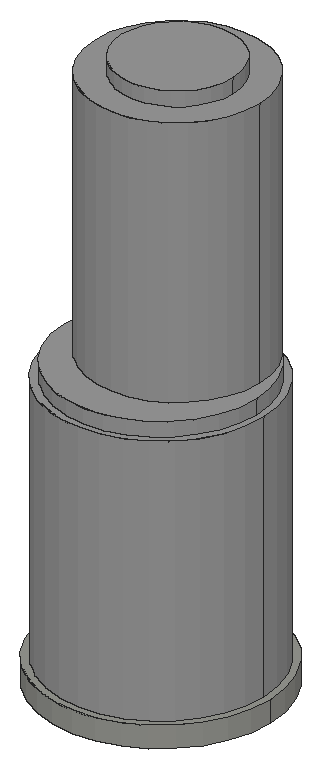
Revit family "雨、污水检查井 - 土建2016", category 管道附件, Revit 2016
Family settings
  零件类型 = 标准
  圆形连接件大小 = 使用直径
  基于工作平面 = 否
  总是垂直 = 是
  加载时剪切的空心 = 否
  共享 = 否
Parameters (values of type "污水井")
  Assembly Code = ""
  说明 = "永久免费族库下载，找构件就上构件坞"
  Type Comments = ""
  砼强度等级 = ""
  直径 = 1000 mm
  Keynote = ""
  检查井深度 [instance] = 3800 mm
  构件分类编码 = ""
  座浆外半径 = 井筒外半径 + 100 mm  # 690 mm
  检查井半径 = 直径 / 2  # 500 mm
  座浆 = 水泥砂浆
  Model = ""
  Manufacturer = ""
  井身高度 = 1800 mm
  井身外半径 = 检查井半径 + 井壁厚  # 740 mm
  井筒外半径 = 井筒内半径 + 井壁厚  # 590 mm
  井筒内径 = 700 mm
  井筒内半径 = 井筒内径 / 2  # 350 mm
  井盖直径 = 800 mm
  井盖厚度 = 100 mm
  井盖半径 = 井盖直径 / 2  # 400 mm
  井盖 = 水泥砂浆
  井壁厚 = 240 mm
  井墙 = 水泥砂浆砌砖
  井基直径 = 井身外半径 * 2 + 100 mm  # 1580 mm
  井基厚度 = 150 mm
  井基半径 = 井基直径 / 2  # 790 mm
  井基 = 混凝土
  座浆厚度 = 100 mm
  URL = "www.goujianwu.com"
  K Coefficient Table = (empty or 0)
Types (2): name
  1000x3800
  污水井
Reference planes
  plane 1 "中心(前/后)": y = 0
  plane 2: z = 0
  plane 3 "中心(左/右)": x = 0
  plane 4: z = -3800
  plane 5: z = -3950
  plane 6: z = -100
  plane 7: z = -1900
  plane 8: z = -2000
  plane 9: y = 500
  plane 10: y = 150
Forms (mm)
  Extrusion 1, solid, material "水泥砂浆砌砖" <- "井墙"
    sketch origin (0, 0, 0) x (1, 0, 0) y (0, 1, 0)
      loop
        circle (0, 0) r 500
      loop
        circle (0, 0) r 740
    from -3800 to -2000
  Extrusion 2, solid, material "混凝土" <- "井基"
    sketch origin (0, 0, 0) x (1, 0, 0) y (0, 1, 0)
      loop
        circle (0, 0) r 790
    from -3950 to -3800
  Extrusion 3, solid, material "水泥砂浆砌砖" <- "井墙"
    sketch origin (0, 0, 0) x (1, 0, 0) y (0, 1, 0)
      loop
        circle (0, 150) r 350
      loop
        circle (0, 150) r 590
    from -1900 to -100
  Extrusion 4, solid, material "水泥砂浆" <- "座浆"
    sketch origin (0, 0, 0) x (1, 0, 0) y (0, 1, 0)
      loop
        circle (0, 150) r 350
      loop
        circle (0, 0) r 690
    from -2000 to -1900
  Extrusion 5, solid, material "水泥砂浆" <- "井盖"
    sketch origin (0, 0, 0) x (1, 0, 0) y (0, 1, 0)
      loop
        circle (0, 150) r 400
    from -100 to 0
Lines and regions (mm)
  symbolic lines, style "检查井"
    curve 1: circle (0, 0, 0) r 500 normal (0, 0, 1)
Dimensions and locks
  "检查井深度": level to plane 4
  "井基厚度": plane 4 to plane 5
  "井身高度": plane 8 to plane 4
  "检查井半径": plane 9 to plane 1 "中心(前/后)"
  "井筒内半径": plane 9 to plane 10
  "座浆厚度": plane 7 to plane 8
  "井盖厚度": level to plane 6
  "检查井半径": radius of Extrusion 1 sketch curve
  "井身外半径": radius of Extrusion 1 sketch curve
  "井基半径": radius of Extrusion 2 sketch curve
  "井筒内半径": radius of Extrusion 3 sketch curve
  "井筒外半径": radius of Extrusion 3 sketch curve
  "井筒内半径": radius of Extrusion 4 sketch curve
  "座浆外半径": radius of Extrusion 4 sketch curve
  "井盖半径": radius of Extrusion 5 sketch curve
  "检查井半径": radius of curve 1
  aligned and locked: level to plane 2
  aligned and locked: plane 1 "中心(前/后)" to Extrusion 1 sketch curve
  aligned and locked: plane 3 "中心(左/右)" to Extrusion 1 sketch curve
  aligned and locked: plane 3 "中心(左/右)" to Extrusion 2 sketch curve
  aligned and locked: plane 1 "中心(前/后)" to Extrusion 2 sketch curve
  aligned and locked: Extrusion 2 to plane 5
  aligned and locked: plane 4 to Extrusion 2
  aligned and locked: Extrusion 1 to plane 4
  aligned and locked: plane 8 to Extrusion 1
  aligned and locked: plane 10 to Extrusion 3 sketch curve  (x2)
  aligned and locked: plane 3 "中心(左/右)" to Extrusion 3 sketch curve  (x2)
  aligned and locked: plane 10 to Extrusion 4 sketch curve
  aligned and locked: plane 3 "中心(左/右)" to Extrusion 4 sketch curve  (x2)
  aligned and locked: plane 1 "中心(前/后)" to Extrusion 4 sketch curve
  aligned and locked: plane 7 to Extrusion 4
  aligned and locked: Extrusion 3 to plane 7
  aligned and locked: plane 6 to Extrusion 3
  aligned and locked: plane 3 "中心(左/右)" to Extrusion 5 sketch curve
  aligned and locked: plane 10 to Extrusion 5 sketch curve
  aligned and locked: Extrusion 5 to plane 6
  aligned and locked: level to Extrusion 5
  aligned and locked: Extrusion 4 to plane 8
Automatic sketch dimensions
  plane 1 "中心(前/后)" to curve 1 = 0 mm
  curve 1 to plane 3 "中心(左/右)" = 0 mm
  Extrusion 1 sketch curve to Extrusion 1 sketch curve = 0 mm  (x2)
